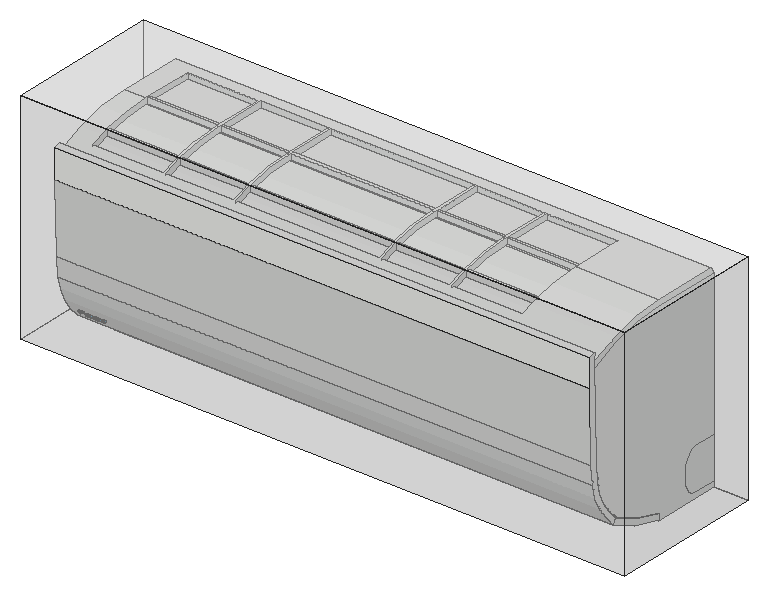
Revit family "outputfile", category 機械設備, Revit 2024
Family settings
  丸型コネクタ寸法 = 半径を使用
  パーツ タイプ = 標準
  OmniClass 番号 = 23.75.10.24.21.27.27
  OmniClass タイトル = Split System Air Conditioning Units
  作業面ベース = いいえ
  常に垂直 = はい
  ロード時にボイドで切り取り = いいえ
  注釈の向きを維持 = いいえ
  共有 = いいえ
  部屋計算ポイント = いいえ
Parameters (values of type "CTKM35VVMG")
  Description = ""
  書き出し IFC クラス(タイプ) = "IfcUnitaryEquipmentType"
  定義済み IFC タイプ(タイプ) = "AIRCONDITIONINGUNIT"
  Cost = 0
  Type Comments = ""
  Keynote = ""
  Type Image = (empty or 0)
  Assembly Code = ""
  w_wall hole = if(Width = 770.0 mm, 48.0 mm, 60.0 mm)  # 48.0 mm
  製造元 = "Daikin"
  モデル = "CTKM35VVMG"
  switch_frequency = yes
  r_Liquid Pipe Size = Liquid Pipe Size / 2  # 3.2 mm
  r_Gas Pipe Size = Gas Pipe Size / 2  # 4.75 mm
  r_Drain Pipe Size = Drain Pipe Size / 2  # 8.0 mm
  lw_powersupply [instance] = if(Width = 770.0 mm, if(or(Rear Right Connection_refrigerant, Bottom Right Connection_refrigerant), 25.0 mm, if(or(Rear Left Connection_refrigerant, Bottom Left Connection_refrigerant), 745.0 mm, 400.0 mm)), if(Width = 990.0 mm, if(or(Rear Right Connection_refrigerant, Bottom Right Connection_refrigerant), 40.0 mm, if(or(Rear Left Connection_refrigerant, Bottom Left Connection_refrigerant), 920.0 mm, 400.0 mm)), if(or(Rear Right Connection_refrigerant, Bottom Right Connection_refrigerant), 40.0 mm, if(or(Rear Left Connection_refrigerant, Bottom Left Connection_refrigerant), 920.0 mm, 400.0 mm))))  # 400.0 mm
  lw_liquidpipe [instance] = if(Width = 770.0 mm, if(or(Rear Right Connection_refrigerant, Bottom Right Connection_refrigerant), 0.0 mm, if(or(Rear Left Connection_refrigerant, Bottom Left Connection_refrigerant), 664.0 mm, 385.0 mm)), if(Width = 990.0 mm, if(or(Rear Right Connection_refrigerant, Bottom Right Connection_refrigerant), 0.0 mm, if(or(Rear Left Connection_refrigerant, Bottom Left Connection_refrigerant), 664.0 mm + (990.0 mm - 770.0 mm), 475.0 mm)), if(or(Rear Right Connection_refrigerant, Bottom Right Connection_refrigerant), 0.0 mm, if(or(Rear Left Connection_refrigerant, Bottom Left Connection_refrigerant), 664.0 mm + (990.0 mm - 770.0 mm), 475.0 mm))))  # 385.0 mm
  lw_gaspipe [instance] = if(Width = 770.0 mm, if(or(Rear Right Connection_refrigerant, Bottom Right Connection_refrigerant), 0.0 mm, if(or(Rear Left Connection_refrigerant, Bottom Left Connection_refrigerant), 675.0 mm, if(Gas Pipe Size = 12.7 mm, 345.0 mm, 335.0 mm))), if(Width = 990.0 mm, if(or(Rear Right Connection_refrigerant, Bottom Right Connection_refrigerant), 10.0 mm, if(or(Rear Left Connection_refrigerant, Bottom Left Connection_refrigerant), 890.0 mm, if(Gas Pipe Size = 15.9 mm, 410.0 mm, 400.0 mm))), if(or(Rear Right Connection_refrigerant, Bottom Right Connection_refrigerant), 10.0 mm, if(or(Rear Left Connection_refrigerant, Bottom Left Connection_refrigerant), 890.0 mm, if(Gas Pipe Size = 15.9 mm, 410.0 mm, 400.0 mm)))))  # 335.0 mm
  lw_drainpipe [instance] = if(Width = 770.0 mm, if(or(Rear Right Connection_refrigerant, Bottom Right Connection_refrigerant), 0.0 mm, if(or(Rear Left Connection_refrigerant, Bottom Left Connection_refrigerant), 770.0 mm - 48.0 mm - 48.0 mm, 440.0 mm)), if(Width = 990.0 mm, if(or(Rear Right Connection_refrigerant, Bottom Right Connection_refrigerant), 0.0 mm, if(or(Rear Left Connection_refrigerant, Bottom Left Connection_refrigerant), 675.0 mm + (990.0 mm - 770.0 mm), 435.0 mm)), if(or(Rear Right Connection_refrigerant, Bottom Right Connection_refrigerant), 0.0 mm, if(or(Rear Left Connection_refrigerant, Bottom Left Connection_refrigerant), 675.0 mm + (990.0 mm - 770.0 mm), 435.0 mm))))  # 440.0 mm
  l_powersupply_length [instance] = if(Width = 770.0 mm, if(Right Connection_refrigerant, 400.0 mm, if(Left Connection_refrigerant, 770.0 mm - 400.0 mm, if(or(Rear Left Connection_refrigerant, Rear Right Connection_refrigerant), 15.0 mm, 50.0 mm))), if(Width = 990.0 mm, if(Right Connection_refrigerant, 400.0 mm, if(Left Connection_refrigerant, 990.0 mm - 400.0 mm, if(or(Rear Left Connection_refrigerant, Rear Right Connection_refrigerant), 15.0 mm, 50.0 mm))), if(Right Connection_refrigerant, 400.0 mm, if(Left Connection_refrigerant, 990.0 mm - 400.0 mm, if(or(Rear Left Connection_refrigerant, Rear Right Connection_refrigerant), 15.0 mm, 50.0 mm)))))  # 400.0 mm
  l_liquidpipe_length [instance] = if(Width = 770.0 mm, if(Right Connection_refrigerant, 433.0 mm, if(Left Connection_refrigerant, 337.0 mm, if(or(Rear Left Connection_refrigerant, Rear Right Connection_refrigerant), 30.0 mm, 40.0 mm))), if(Width = 990.0 mm, if(Right Connection_refrigerant, 535.0 mm, if(Left Connection_refrigerant, 455.0 mm, if(or(Rear Left Connection_refrigerant, Rear Right Connection_refrigerant), 30.0 mm, 40.0 mm))), if(Right Connection_refrigerant, 535.0 mm, if(Left Connection_refrigerant, 455.0 mm, if(or(Rear Left Connection_refrigerant, Rear Right Connection_refrigerant), 30.0 mm, 40.0 mm)))))  # 433.0 mm
  l_gaspipe_length [instance] = if(Width = 770.0 mm, if(Right Connection_refrigerant, if(Gas Pipe Size = 12.7 mm, 393.0 mm, 383.0 mm), if(Left Connection_refrigerant, if(Gas Pipe Size = 12.7 mm, 770.0 mm - 393.0 mm, 770.0 mm - 383.0 mm), if(or(Rear Left Connection_refrigerant, Rear Right Connection_refrigerant), 40.0 mm, 50.0 mm))), if(Width = 990.0 mm, if(Right Connection_refrigerant, if(Gas Pipe Size = 15.9 mm, 470.0 mm, 460.0 mm), if(Left Connection_refrigerant, if(Gas Pipe Size = 15.9 mm, 990.0 mm - 470.0 mm, 990.0 mm - 460.0 mm), if(or(Rear Left Connection_refrigerant, Rear Right Connection_refrigerant), 40.0 mm, 50.0 mm))), if(Right Connection_refrigerant, if(Gas Pipe Size = 15.9 mm, 470.0 mm, 460.0 mm), if(Left Connection_refrigerant, if(Gas Pipe Size = 15.9 mm, 990.0 mm - 470.0 mm, 990.0 mm - 460.0 mm), if(or(Rear Left Connection_refrigerant, Rear Right Connection_refrigerant), 40.0 mm, 50.0 mm)))))  # 383.0 mm
  l_drainpipe_length [instance] = if(Width = 770.0 mm, if(Right Connection_refrigerant, 488.0 mm, if(Left Connection_refrigerant, 282.0 mm, if(or(Rear Left Connection_refrigerant, Rear Right Connection_refrigerant), 15.0 mm, 20.0 mm))), if(Width = 990.0 mm, if(Right Connection_refrigerant, 495.0 mm, if(Left Connection_refrigerant, 495.0 mm, if(or(Rear Left Connection_refrigerant, Rear Right Connection_refrigerant), 15.0 mm, 20.0 mm))), if(Right Connection_refrigerant, 495.0 mm, if(Left Connection_refrigerant, 495.0 mm, if(or(Rear Left Connection_refrigerant, Rear Right Connection_refrigerant), 15.0 mm, 20.0 mm)))))  # 488.0 mm
  h*** = 0.0 mm  # constant formula
  connector_voltage = Voltage_50Hz  # 230 V
  connector_powerinput = [Power Input (Cooling)]  # 0.000 kW
  connector_phase = Phase_50Hz  # 1
  angle_vertical [instance] = if(or(Bottom Left Connection_refrigerant, Bottom Right Connection_refrigerant), 0.00°, 90.00°)  # 90.00°
  angle_horizontal [instance] = if(Right Connection_refrigerant, 90.00°, if(Left Connection_refrigerant, -90.00°, if(or(Rear Left Connection_refrigerant, Rear Right Connection_refrigerant), 180.00°, 0.00°)))  # 90.00°
  Width = 770.0 mm
  Voltage_comment_50Hz = "220 - 240"
  Voltage_50Hz = 230 V
  Version = "ver.1.0"
  Unit Type = "Wall Mounted"
  Unit Mass Weight = 8.00 kg
  Unit Designation [instance] = ""
  Uniclass2015Version = "Products v1.30"
  Uniclass2015Title = "Split coil room air conditioning units"
  Uniclass2015Code = "Pr_70_65_03_86"
  URL = ""
  Total Cooling Capacity [instance] = 0.000 kW
  Sound Pressure Level_M speed (dBA) = 36
  Sound Pressure Level_L speed (dBA) = 26
  Sound Pressure Level_H speed (dBA) = 44
  Sound Power Level_H speed (dB) = 0
  Series = "Multi Split_Fan Coil Unit"
  Sensible Cooling Capacity [instance] = 0.000 kW
  Refrigerant Type = "R32"
  Power Input (Cooling) = 0.000 kW
  Phase_50Hz = 1
  Option Accessory 3 [instance] = ""
  Option Accessory 2 [instance] = ""
  Option Accessory 1 [instance] = ""
  Nominal Cooling Capacity = 3.500 kW
  Minimum Circuit Amps_50Hz = 0.0 A
  Minimum Airflow = 330.00 m³/h
  Median Airflow = 534.00 m³/h
  Maximum Fuse Amps_50Hz = 0.0 A
  Maximum Airflow = 720.00 m³/h
  Material_Casing = DAIKIN_White_Casing_indoorunit
  Load Classification = HVAC
  Liquid Pipe Size = 6.4 mm
  Link_Nested Family [instance] = ""
  IfcVersion = ""
  IfcExportType = "AIRCONDITIONINGUNIT"
  IfcExportAs = "IfcUnitaryEquipmentType"
  Height = 285.0 mm
  Heat Exchanger Type = "Cross Fin Coil"
  Gas Pipe Size = 9.5 mm
  Frequency_50Hz = 50 Hz
  Fan Type = "Cross Flow Fan"
  Fan Drive = "Direct Drive"
  FCU Tag No. [instance] = ""
  Drain Pipe Size = 16.0 mm
  Design Supply Airflow [instance] = 0.00 m³/h
  Depth = 223.0 mm
  既定の高さ = 0.0 mm
  Cooling Entering Wet Bulb Temperature [instance] = 0.00 °C
  Cooling Entering Dry Bulb Temperature [instance] = 0.00 °C
  Cooling Ambient Wet Bulb Temperature [instance] = 0.00 °C
  Cooling Ambient Dry Bulb Temperature [instance] = 0.00 °C
  Clearance visibility [instance] = yes
  Clearance Top = 30.0 mm
  Clearance Right = 50.0 mm
  Clearance Rear = 0.0 mm
  Clearance Left = 50.0 mm
  Clearance Front = 0.0 mm
  Clearance Bottom = 0.0 mm
  Bottom Right Connection_refrigerant [instance] = no
  Bottom Left Connection_refrigerant [instance] = no
  Rear Right Connection_refrigerant [instance] = no
  Rear Left Connection_refrigerant [instance] = no
  Right Connection_refrigerant [instance] = yes
  Left Connection_refrigerant [instance] = no
Reference planes
  plane 1 "Back": y = 0
  plane 2: z = 0
  plane 3 "Center (Left/Right)": x = 0
  plane 4 "Center (Front/Back)": y = -111.5
  plane 5 "Front": y = -223
  plane 6 "Left": x = -385
  plane 7 "Right": x = 385
  plane 8 "Top": z = 0
  plane 9 "Bottom": z = -285
  plane 10: x = -435
  plane 11: x = 435
  plane 12: y = 0
  plane 13: y = -223
  plane 14: z = 30
  plane 15: z = -285
  plane 16 "lw_Piping and Wiring intake": x = 337
  plane 17 "lw_gaspipe": x = 2
  plane 18 "lw_liquidpipe": x = -48
  plane 19 "lw_drainpipe": x = -103
  plane 20 "lh_drainpipe": z = -265
  plane 21 "lh_liquidpipe": z = -245
  plane 22 "lh_gaspipe": z = -235
  plane 23 "ld_drainpipe": y = -15
  plane 24 "ld_liquidpipe": y = -30
  plane 25 "ld_gaspipe": y = -40
  plane 26 "lw_powersupply": x = -15
Dimensions and locks
  equal spacing: plane 6 "Left", plane 3 "Center (Left/Right)", plane 7 "Right"
  "Width": plane 6 "Left" to plane 7 "Right"
  equal spacing: plane 5 "Front", plane 4 "Center (Front/Back)", plane 1 "Back"
  "Depth": plane 5 "Front" to plane 1 "Back"
  "Height": plane 8 "Top" to plane 9 "Bottom"
  "Clearance Rear": plane 12 to plane 1 "Back"
  "Clearance Front": plane 13 to plane 5 "Front"
  "Clearance Top": plane 14 to plane 8 "Top"
  "Clearance Bottom": plane 9 "Bottom" to plane 15
  "w_wall hole": plane 16 "lw_Piping and Wiring intake" to plane 7 "Right"
  "lw_gaspipe": plane 17 "lw_gaspipe" to plane 16 "lw_Piping and Wiring intake"
  "lw_liquidpipe": plane 18 "lw_liquidpipe" to plane 16 "lw_Piping and Wiring intake"
  "lw_drainpipe": plane 19 "lw_drainpipe" to plane 16 "lw_Piping and Wiring intake"
  locked: plane 20 "lh_drainpipe" to plane 9 "Bottom" at 20
  locked: plane 21 "lh_liquidpipe" to plane 9 "Bottom" at 40
  locked: plane 22 "lh_gaspipe" to plane 9 "Bottom" at 50
  locked: plane 23 "ld_drainpipe" to plane 1 "Back" at 15
  locked: plane 1 "Back" to plane 24 "ld_liquidpipe" at 30
  locked: plane 1 "Back" to plane 25 "ld_gaspipe" at 40
  "lw_powersupply": plane 26 "lw_powersupply" to plane 7 "Right"
  "Clearance Left": plane 10 to plane 6 "Left"
  "Clearance Right": plane 7 "Right" to plane 11
  aligned and locked: level to plane 2
  aligned and locked: plane 12 to nested 1
  aligned and locked: nested 1 to plane 13
  aligned and locked: plane 10 to nested 1
  aligned and locked: plane 11 to nested 1
  aligned and locked: plane 15 to nested 1
  aligned and locked: plane 14 to nested 1
  aligned and locked: plane 17 "lw_gaspipe" to nested 2
  aligned and locked: nested 2 to plane 25 "ld_gaspipe"
  aligned and locked: plane 18 "lw_liquidpipe" to nested 3
  aligned and locked: nested 3 to plane 24 "ld_liquidpipe"
  aligned and locked: plane 19 "lw_drainpipe" to nested 4
  aligned and locked: nested 4 to plane 23 "ld_drainpipe"
  aligned and locked: nested 5 to plane 23 "ld_drainpipe"
  aligned and locked: plane 26 "lw_powersupply" to nested 5
  aligned and locked: level to plane 8 "Top"
  aligned and locked: plane 3 "Center (Left/Right)" to nested 6
  aligned and locked: plane 1 "Back" to nested 6
  aligned and locked: plane 8 "Top" to nested 6
Nested families
  nested 1: "daikin_clearancespace" at (0, -111.5, -127.381), show <- "Clearance visibility", visible <- "Clearance visibility", Link_Nested Family <- "Link_Nested Family", type "daikin_clearancespace"
    with width 870.0 mm, show yes, height 315.0 mm, depth 223.0 mm, Link_Nested Family ""
  nested 2: "daikin_connector_rotate3" at (2, -40, -235), angle_vertical <- "angle_vertical", angle_horizontal <- "angle_horizontal", length <- "l_gaspipe_length", radius <- "r_Gas Pipe Size", type "daikin_connector_rotate3"
    with show no, radius 4.75 mm, length 383.0 mm, angle_vertical 90.00°, angle_horizontal 90.00°
  nested 3: "daikin_connector_rotate3" at (-48, -30, -245), angle_vertical <- "angle_vertical", angle_horizontal <- "angle_horizontal", radius <- "r_Liquid Pipe Size", length <- "l_liquidpipe_length", type "daikin_connector_rotate3"
    with show no, radius 3.2 mm, length 433.0 mm, angle_vertical 90.00°, angle_horizontal 90.00°
  nested 4: "daikin_connector_rotate3" at (-103, -15, -265), angle_vertical <- "angle_vertical", angle_horizontal <- "angle_horizontal", length <- "l_drainpipe_length", radius <- "r_Drain Pipe Size", type "daikin_connector_rotate3"
    with show no, radius 8.0 mm, length 488.0 mm, angle_vertical 90.00°, angle_horizontal 90.00°
  nested 5: "daikin_connector_rotate3" at (-15, -15, -235), angle_vertical <- "angle_vertical", angle_horizontal <- "angle_horizontal", length <- "l_powersupply_length", type "daikin_connector_rotate3"
    with show no, radius 10.0 mm, length 400.0 mm, angle_vertical 90.00°, angle_horizontal 90.00°
  nested 6: "DAIKIN_indoorunit_CTKM-VVMG" at (-31, 0, 0), type "CTKM-VVMG"
Connectors
  piping at (385, -40, -235), diameter 9.5, driven by "r_Gas Pipe Size"
    settings: on nested 2, index 1, connector inside diameter 609.6 mm, connector length 0.0 mm, flow factor 0, pipe flow 0.00 m³/h, pressure drop 0.0 Pa, fitting loss kfactor 0, connector angle 0.00°, fixture units 0, engagement length 0.0 mm, angle of deflection 0.00°, flow configuration 1, flow direction 2, fitting loss method 0, system type 29, joint type 0, gender type 0, connector reference index -1, connector utility 0, adjustable connector no, is connector primary yes, connector description "Refrigerant Gas Piping"
  piping at (385, -30, -245), diameter 6.4, driven by "r_Liquid Pipe Size"
    settings: on nested 3, index 2, connector inside diameter 609.6 mm, connector length 0.0 mm, flow factor 0, pipe flow 0.00 m³/h, pressure drop 0.0 Pa, fitting loss kfactor 0, connector angle 0.00°, fixture units 0, engagement length 0.0 mm, angle of deflection 0.00°, flow configuration 1, flow direction 1, fitting loss method 0, system type 29, joint type 0, gender type 0, connector reference index -1, connector utility 0, adjustable connector no, is connector primary no, connector description "Refrigerant Liquid Piping"
  piping at (385, -15, -265), diameter 16, driven by "r_Drain Pipe Size"
    settings: on nested 4, index 3, connector inside diameter 609.6 mm, connector length 0.0 mm, flow factor 0, pipe flow 0.00 m³/h, pressure drop 0.0 Pa, fitting loss kfactor 0, connector angle 0.00°, fixture units 0, engagement length 0.0 mm, angle of deflection 0.00°, flow configuration 1, flow direction 2, fitting loss method 4, system type 16, joint type 0, gender type 0, connector reference index -1, connector utility 0, adjustable connector no, is connector primary no, connector description "Condensate Drain Piping"
  electrical at (385, -15, -235), driven by "Load Classification", driven by "connector_powerinput", driven by "connector_phase", driven by "connector_voltage"
    settings: on nested 5, index 4, voltage 230 V, apparent load 0 VA, apparent load phase1 0 VA, apparent load phase2 0 VA, apparent load phase3 0 VA, power factor 1, load classification "HVAC", number of poles 1, system type 30, power factor state 1, is connector primary yes, connector utility no, sub classification motor no, connector description "Power Supply"
Definition of nested family "daikin_clearancespace"
  Parameters (values of type "daikin_clearancespace")
    Description = "daikin_clearancespace"
    width [instance] = 1823.963 mm
    show [instance] = yes
    material = none
    height [instance] = 1359.762 mm
    depth [instance] = 880.0 mm
    Default Elevation = 0.0 mm
    Link_Nested Family [instance] = ""
  Reference planes
    plane 1 "Center (Front/Back)": y = 0
    plane 2 "Center (Elevation)": z = -0.119
    plane 3 "Center (Left/Right)": x = 0
    plane 4: y = 440
    plane 5: y = -440
    plane 6 "Right": x = 911.982
    plane 7 "Left": x = -911.982
    plane 8 "Top": z = 679.762
    plane 9 "Bottom": z = -680
  Forms (mm)
    Extrusion 1, solid, material <- "material", visible <- "show"
      sketch origin (0, 0, 0) x (1, 0, 0) y (0, 1, 0)
        loop
          line (-911.982, 440) -> (-911.982, -440) -> (911.982, -440) -> (911.982, 440) -> (-911.982, 440)
      from -680 to 679.762
  Lines and regions (mm)
    symbolic lines, visible <- "show"
      curve 1: line (911.982, 440, 0) -> (-911.982, 440, 0)
      curve 2: line (-911.982, 440, 0) -> (-911.982, -440, 0)
      curve 3: line (-911.982, -440, 0) -> (911.982, -440, 0)
      curve 4: line (911.982, -440, 0) -> (911.982, 440, 0)
      curve 5: line (911.982, 0, 679.762) -> (-911.982, 0, 679.762)
      curve 6: line (911.982, 0, -680) -> (911.982, 0, 679.762)
      curve 7: line (-911.982, 0, -680) -> (911.982, 0, -680)
      curve 8: line (-911.982, 0, 679.762) -> (-911.982, 0, -680)
      curve 9: line (0, 440, 679.762) -> (0, -440, 679.762)
      curve 10: line (0, -440, 679.762) -> (0, -440, -680)
      curve 11: line (0, 440, -680) -> (0, 440, 679.762)
      curve 12: line (0, -440, -680) -> (0, 440, -680)
  Dimensions and locks
    "width": plane 7 "Left" to plane 6 "Right"
    "depth": plane 4 to plane 5
    "height": plane 8 "Top" to plane 9 "Bottom"
    equal spacing: plane 7 "Left", plane 3 "Center (Left/Right)", plane 6 "Right"
    equal spacing: plane 4, plane 1 "Center (Front/Back)", plane 5
    equal spacing: plane 8 "Top", plane 2 "Center (Elevation)", plane 9 "Bottom"
    aligned and locked: level to plane 2 "Center (Elevation)"
    aligned and locked: Extrusion 1 sketch curve to plane 4
    aligned and locked: plane 7 "Left" to Extrusion 1 sketch curve
    aligned and locked: Extrusion 1 sketch curve to plane 5
    aligned and locked: Extrusion 1 sketch curve to plane 6 "Right"
    aligned and locked: plane 8 "Top" to Extrusion 1
    aligned and locked: curve 1 to Extrusion 1
    aligned and locked: curve 2 to Extrusion 1
    aligned and locked: curve 3 to Extrusion 1
    aligned and locked: curve 4 to Extrusion 1
    aligned and locked: curve 5 to Extrusion 1
    aligned and locked: curve 6 to Extrusion 1
    aligned and locked: curve 7 to Extrusion 1
    aligned and locked: curve 8 to Extrusion 1
    aligned and locked: curve 9 to Extrusion 1
    aligned and locked: curve 10 to Extrusion 1
    aligned and locked: curve 11 to Extrusion 1
    aligned and locked: curve 12 to Extrusion 1
    aligned and locked: Extrusion 1 to plane 9 "Bottom"
Definition of nested family "DAIKIN_indoorunit_CTKM-VVMG"
  Parameters (values of type "CTKM-VVMG")
    switch_unit1_60-71 = Width = 990.0 mm  # no
    switch_unit1_25-50 = Width = 770.0 mm  # yes
    Width = 770.0 mm
    WALL HOLE-R = if(Width = 770.0 mm, 48.0 mm, 60.0 mm)  # 48.0 mm
    WALL HOLE Size = if(Width = 770.0 mm, 65.0 mm, 80.0 mm)  # 65.0 mm
    Material_Casing = none
    Height = if(Width = 770.0 mm, 285.0 mm, 295.0 mm)  # 285.0 mm
    Default Elevation = 0.0 mm
  Reference planes
    plane 1 "Center (Front/Back)": y = 0
    plane 2 "reference_level": z = 0
    plane 3 "Center (Left/Right)": x = 31
    plane 4: x = -354
    plane 5: x = 416
    plane 6: z = -285
  Forms (mm)
    Extrusion 1, solid, material <- "Material_Casing", visible <- "switch_unit1_25-50"
      sketch origin (29, 0, 0) x (0, 1, 0) y (0, 0, 1)
        loop
          line (-5, 0) -> (-98, 0)
          arc (-98, 0) -> (-157.611, -7.211) -> (-213.783, -28.427) r 250
          arc (-213.783, -28.427) -> (-213.842, -32.972) -> (-213.892, -37.516) r 2191
          arc (-213.892, -37.516) -> (-157.832, -15.495) -> (-98.07, -8) r 242
          line (-98.07, -8) -> (0, -8) -> (-5, 0)
      from -383 to 387
    Extrusion 2, solid, material <- "Material_Casing", visible <- "switch_unit1_25-50"
      sketch origin (416, 1296.25, 1200) x (0, 1, 0) y (0, 0, 1)
        loop
          line (-1472.998, -1446.91) -> (-1476.998, -1453.839)
          arc (-1476.998, -1453.839) -> (-1437.481, -1472.422) -> (-1395.25, -1483.538) r 240
          line (-1395.25, -1483.538) -> (-1395.25, -1475.422)
          arc (-1395.25, -1475.422) -> (-1435.407, -1464.663) -> (-1472.998, -1446.91) r 232
      from 0 to -47.5
    Extrusion 3, solid, material <- "Material_Casing", visible <- "switch_unit1_25-50"
      sketch origin (29, 0, 0) x (0, 1, 0) y (0, 0, 1)
        loop
          arc (-223, -60.455) -> (-222.414, -110.646) -> (-220.656, -160.81) r 2149.92
          arc (-220.656, -160.81) -> (-219.65, -174.299) -> (-217.853, -187.706) r 229.911
          arc (-217.853, -187.706) -> (-205.371, -223.594) -> (-181.517, -253.17) r 111
          line (-181.517, -253.17) -> (-177.429, -246.093)
          arc (-177.429, -246.093) -> (-198.77, -218.989) -> (-209.965, -186.36) r 103
          arc (-209.965, -186.36) -> (-211.681, -173.586) -> (-212.651, -160.735) r 221.844
          arc (-212.651, -160.735) -> (-214.739, -93.233) -> (-214.74, -25.699) r 2186.828
          arc (-214.74, -25.699) -> (-214.671, -21.467) -> (-214.594, -17.235) r 2192
          line (-214.594, -17.235) -> (-223, -19.961) -> (-223, -60.455)
      from -383 to 387
    Extrusion 4, solid, material <- "Material_Casing", visible <- "switch_unit1_25-50"
      sketch origin (29, 0, -20) x (0, 1, 0) y (0, 0, 1)
        loop
          line (0, -265) -> (0, 12) -> (-98.07, 12)
          arc (-98.07, 12) -> (-157.832, 4.505) -> (-213.892, -17.516) r 242
          arc (-213.892, -17.516) -> (-213.638, -79.114) -> (-211.653, -140.681) r 2191
          arc (-211.653, -140.681) -> (-210.685, -153.501) -> (-208.973, -166.243) r 221
          arc (-208.973, -166.243) -> (-197.471, -199.282) -> (-175.482, -226.491) r 102
          arc (-175.482, -226.491) -> (-138.004, -244.019) -> (-98, -254.579) r 231
          line (-98, -254.579) -> (-98, -265) -> (0, -265)
      from -383 to 387
    Extrusion 5, solid, material <- "Material_Casing", visible <- "switch_unit1_25-50"
      sketch origin (-354, 1296.25, 1200) x (0, 1, 0) y (0, 0, 1)
        loop
          line (-1472.998, -1446.91) -> (-1476.998, -1453.839)
          arc (-1476.998, -1453.839) -> (-1437.481, -1472.422) -> (-1395.25, -1483.538) r 240
          line (-1395.25, -1483.538) -> (-1395.25, -1475.422)
          arc (-1395.25, -1475.422) -> (-1435.407, -1464.663) -> (-1472.998, -1446.91) r 232
      from 47 to 0
    Extrusion 6, solid, material <- "Material_Casing", visible <- "switch_unit1_25-50"
      sketch origin (416, 1296.25, 1200) x (0, 1, 0) y (0, 0, 1)
        loop
          line (-1472.998, -1446.91) -> (-1476.998, -1453.839)
          arc (-1476.998, -1453.839) -> (-1443.437, -1470.168) -> (-1407.75, -1481.097) r 240
          line (-1407.75, -1481.097) -> (-1407.75, -1472.894)
          arc (-1407.75, -1472.894) -> (-1441.363, -1462.385) -> (-1472.998, -1446.91) r 232
      from -116.993 to -48.493
    Extrusion 7, solid, material <- "Material_Casing", visible <- "switch_unit1_25-50"
      sketch origin (416, 1296.25, 1200) x (0, 1, 0) y (0, 0, 1)
        loop
          line (-1472.998, -1446.91) -> (-1476.998, -1453.839)
          arc (-1476.998, -1453.839) -> (-1443.437, -1470.168) -> (-1407.75, -1481.097) r 240
          line (-1407.75, -1481.097) -> (-1407.75, -1472.894)
          arc (-1407.75, -1472.894) -> (-1441.363, -1462.385) -> (-1472.998, -1446.91) r 232
      from -717 to -121.993
    Extrusion 8, void
      sketch origin (31, 0, -235) x (1, 0, 0) y (0, 1, 0)
        loop
          line (-252.674, -22.316) -> (-354.941, -22.316) -> (-354.941, -91.341) -> (-252.674, -91.341) -> (-252.674, -22.316)
        loop
          line (-249.341, -91.341) -> (-151.574, -91.341) -> (-151.574, -22.316) -> (-249.341, -22.316) -> (-249.341, -91.341)
        loop
          line (58.309, -22.316) -> (-148.309, -22.316) -> (-148.309, -91.341) -> (58.309, -91.341) -> (58.309, -22.316)
        loop
          line (61.689, -22.316) -> (61.689, -91.341) -> (159.457, -91.341) -> (159.457, -22.316) -> (61.689, -22.316)
        loop
          line (162.789, -22.316) -> (162.789, -91.341) -> (265.057, -91.341) -> (265.057, -22.316) -> (162.789, -22.316)
        loop
          line (-354.941, -94.659) -> (-354.941, -165.259) -> (-252.674, -165.259) -> (-252.674, -94.659) -> (-354.941, -94.659)
        loop
          line (-249.341, -94.659) -> (-249.341, -165.259) -> (-151.574, -165.259) -> (-151.574, -94.659) -> (-249.341, -94.659)
        loop
          line (-148.309, -94.659) -> (-148.309, -165.259) -> (58.309, -165.259) -> (58.309, -94.659) -> (-148.309, -94.659)
        loop
          line (61.689, -94.659) -> (61.689, -165.259) -> (159.457, -165.259) -> (159.457, -94.659) -> (61.689, -94.659)
        loop
          line (162.789, -94.659) -> (162.789, -165.259) -> (265.057, -165.259) -> (265.057, -94.659) -> (162.789, -94.659)
        loop
          line (-354.941, -167.382) -> (-354.941, -192.681) -> (-252.674, -192.681) -> (-252.674, -167.382) -> (-354.941, -167.382)
        loop
          line (-249.341, -167.382) -> (-249.341, -192.681) -> (-151.574, -192.681) -> (-151.574, -167.382) -> (-249.341, -167.382)
        loop
          line (-148.309, -167.382) -> (-148.309, -192.681) -> (58.309, -192.681) -> (58.309, -167.382) -> (-148.309, -167.382)
        loop
          line (159.457, -167.382) -> (61.689, -167.382) -> (61.689, -192.681) -> (159.457, -192.681) -> (159.457, -167.382)
        loop
          line (265.057, -167.382) -> (162.789, -167.382) -> (162.789, -192.681) -> (265.057, -192.681) -> (265.057, -167.382)
      from 201.638 to 250
    Extrusion 9, solid, material <- "Material_Casing"
      sketch origin (31, 0, 0) x (1, 0, 0) y (0, 0, 1)
        loop
          circle (337, -240.5) r 32.5
        loop
          circle (-337, -240.5) r 32.5
      from 0 to 5
    Extrusion 10, solid, material <- "Material_Casing", visible <- "switch_unit1_25-50"
      sketch origin (416, 1296.25, 1200) x (0, -1, 0) y (0, 0, 1)
        loop
          line (1326.25, -1417) -> (1296.25, -1417) -> (1296.25, -1477) -> (1326.25, -1477)
          arc (1326.25, -1477) -> (1340.393, -1471.142) -> (1346.25, -1457) r 20
          line (1346.25, -1457) -> (1346.25, -1437)
          arc (1346.25, -1437) -> (1340.393, -1422.858) -> (1326.25, -1417) r 20
      from 0 to 5
    Extrusion 11, solid, material <- "Material_Casing", visible <- "switch_unit1_25-50"
      sketch origin (-354, 1296.25, 1200) x (0, 1, 0) y (0, 0, 1)
        loop
          line (-1296.25, -1417) -> (-1326.25, -1417)
          arc (-1326.25, -1417) -> (-1340.393, -1422.858) -> (-1346.25, -1437) r 20
          line (-1346.25, -1437) -> (-1346.25, -1457)
          arc (-1346.25, -1457) -> (-1340.393, -1471.142) -> (-1326.25, -1477) r 20
          line (-1326.25, -1477) -> (-1296.25, -1477) -> (-1296.25, -1417)
      from 0 to 5
    Extrusion 12, solid, material <- "Material_Casing", visible <- "switch_unit1_25-50"
      sketch origin (31, 0, -285) x (-1, 0, 0) y (0, -1, 0)
        loop
          line (-314, 0) -> (-314, 30)
          arc (-314, 30) -> (-319.858, 44.142) -> (-334, 50) r 20
          line (-334, 50) -> (-354, 50)
          arc (-354, 50) -> (-368.142, 44.142) -> (-374, 30) r 20
          line (-374, 30) -> (-374, 0) -> (-314, 0)
        loop
          line (374, 0) -> (374, 30)
          arc (374, 30) -> (368.142, 44.142) -> (354, 50) r 20
          line (354, 50) -> (334, 50)
          arc (334, 50) -> (319.858, 44.142) -> (314, 30) r 20
          line (314, 30) -> (314, 0) -> (374, 0)
      from 0 to 5
    Extrusion 13, solid, material <- "Material_Casing", visible <- "switch_unit1_60-71"
      sketch origin (31, 0, 0) x (0, 1, 0) y (0, 0, 1)
        loop
          line (-5, 0) -> (-138, 0)
          arc (-138, 0) -> (-197.611, -7.211) -> (-253.783, -28.427) r 250
          arc (-253.783, -28.427) -> (-253.838, -32.687) -> (-253.886, -36.946) r 2191
          arc (-253.886, -36.946) -> (-197.73, -15.346) -> (-138.014, -8) r 246.393
          line (-138.014, -8) -> (0, -8) -> (-5, 0)
      from -495 to 495
    Extrusion 14, solid, material <- "Material_Casing", visible <- "switch_unit1_60-71"
      sketch origin (418, 1296.25, 1200) x (0, 1, 0) y (0, 0, 1)
        loop
          arc (-1515.208, -1454.149) -> (-1506.856, -1460.599) -> (-1497.925, -1466.219) r 110
          arc (-1497.925, -1466.219) -> (-1445.718, -1487.493) -> (-1389.844, -1494.995) r 223
          line (-1389.844, -1494.995) -> (-1389.844, -1486.086) -> (-1404.386, -1486.086)
          arc (-1404.386, -1486.086) -> (-1449.542, -1477.46) -> (-1491.818, -1459.402) r 214.289
          arc (-1491.818, -1459.402) -> (-1501.056, -1453.541) -> (-1509.606, -1446.715) r 101
          line (-1509.606, -1446.715) -> (-1515.208, -1454.149)
      from 108 to 57.5
    Extrusion 15, solid, material <- "Material_Casing", visible <- "switch_unit1_60-71"
      sketch origin (31, 0, 0) x (0, 1, 0) y (0, 0, 1)
        loop
          line (-263, -19.962) -> (-263, -61.6)
          arc (-263, -61.6) -> (-262.414, -110.219) -> (-260.656, -158.81) r 2017.341
          arc (-260.656, -158.81) -> (-255.648, -191.935) -> (-244.041, -223.362) r 164.725
          arc (-244.041, -223.362) -> (-233.569, -239.793) -> (-219.717, -253.495) r 87.379
          line (-219.717, -253.495) -> (-214.706, -246.846)
          arc (-214.706, -246.846) -> (-229.564, -230.029) -> (-240.385, -210.371) r 102
          arc (-240.385, -210.371) -> (-249.049, -182.962) -> (-252.848, -154.467) r 165.789
          arc (-252.848, -154.467) -> (-254.771, -90.102) -> (-254.74, -25.708) r 2122.533
          arc (-254.74, -25.708) -> (-254.671, -21.469) -> (-254.594, -17.23) r 2192
          line (-254.594, -17.23) -> (-263, -19.962)
      from -495 to 495
    Extrusion 16, void
      sketch origin (33, 0, 0) x (1, 0, 0) y (0, 1, 0)
        loop
          line (-466.909, -22.316) -> (-466.909, -111.341) -> (-366.303, -111.341) -> (-366.303, -22.316) -> (-466.909, -22.316)
        loop
          line (-362.71, -22.316) -> (-362.71, -111.341) -> (-262.103, -111.341) -> (-262.103, -22.316) -> (-362.71, -22.316)
        loop
          line (-258.51, -22.316) -> (-258.51, -111.341) -> (-157.904, -111.341) -> (-157.904, -22.316) -> (-258.51, -22.316)
        loop
          line (-154.31, -22.316) -> (-154.31, -111.341) -> (-53.704, -111.341) -> (-53.704, -22.316) -> (-154.31, -22.316)
        loop
          line (-50.11, -22.316) -> (-50.11, -111.341) -> (50.496, -111.341) -> (50.496, -22.316) -> (-50.11, -22.316)
        loop
          line (54.089, -22.316) -> (54.089, -111.341) -> (154.696, -111.341) -> (154.696, -22.316) -> (54.089, -22.316)
        loop
          line (158.289, -22.316) -> (158.289, -111.341) -> (258.895, -111.341) -> (258.895, -22.316) -> (158.289, -22.316)
        loop
          line (262.489, -22.316) -> (262.489, -111.341) -> (363.095, -111.341) -> (363.095, -22.316) -> (262.489, -22.316)
        loop
          line (-466.909, -114.459) -> (-466.909, -185.059) -> (-366.303, -185.059) -> (-366.303, -114.459) -> (-466.909, -114.459)
        loop
          line (-362.71, -114.459) -> (-362.71, -185.059) -> (-262.103, -185.059) -> (-262.103, -114.459) -> (-362.71, -114.459)
        loop
          line (-258.51, -114.459) -> (-258.51, -185.059) -> (-157.904, -185.059) -> (-157.904, -114.459) -> (-258.51, -114.459)
        loop
          line (-154.31, -114.459) -> (-154.31, -185.059) -> (-53.704, -185.059) -> (-53.704, -114.459) -> (-154.31, -114.459)
        loop
          line (-50.11, -114.459) -> (-50.11, -185.059) -> (50.496, -185.059) -> (50.496, -114.459) -> (-50.11, -114.459)
        loop
          line (54.089, -114.459) -> (54.089, -185.059) -> (154.696, -185.059) -> (154.696, -114.459) -> (54.089, -114.459)
        loop
          line (158.289, -114.459) -> (158.289, -185.059) -> (258.895, -185.059) -> (258.895, -114.459) -> (158.289, -114.459)
        loop
          line (262.489, -114.459) -> (262.489, -185.059) -> (363.095, -185.059) -> (363.095, -114.459) -> (262.489, -114.459)
        loop
          line (-466.909, -187.382) -> (-466.909, -232.681) -> (-366.303, -232.681) -> (-366.303, -187.382) -> (-466.909, -187.382)
        loop
          line (-362.71, -187.382) -> (-362.71, -232.681) -> (-262.103, -232.681) -> (-262.103, -187.382) -> (-362.71, -187.382)
        loop
          line (-258.51, -187.382) -> (-258.51, -232.681) -> (-157.904, -232.681) -> (-157.904, -187.382) -> (-258.51, -187.382)
        loop
          line (-154.31, -187.382) -> (-154.31, -232.681) -> (-53.704, -232.681) -> (-53.704, -187.382) -> (-154.31, -187.382)
        loop
          line (-50.11, -187.382) -> (-50.11, -232.681) -> (50.496, -232.681) -> (50.496, -187.382) -> (-50.11, -187.382)
        loop
          line (54.089, -187.382) -> (54.089, -232.681) -> (154.696, -232.681) -> (154.696, -187.382) -> (54.089, -187.382)
        loop
          line (158.289, -187.382) -> (158.289, -232.681) -> (258.895, -232.681) -> (258.895, -187.382) -> (158.289, -187.382)
        loop
          line (262.489, -187.382) -> (262.489, -232.681) -> (363.095, -232.681) -> (363.095, -187.382) -> (262.489, -187.382)
      from -40.013 to 47.268
    Extrusion 17, solid, material <- "Material_Casing", visible <- "switch_unit1_60-71"
      sketch origin (-356, 1296.25, 1200) x (0, 1, 0) y (0, 0, -1)
        loop
          line (-1515.208, 1454.149) -> (-1509.606, 1446.715)
          arc (-1509.606, 1446.715) -> (-1501.056, 1453.541) -> (-1491.818, 1459.402) r 101
          arc (-1491.818, 1459.402) -> (-1449.542, 1477.46) -> (-1404.386, 1486.086) r 214.289
          line (-1404.386, 1486.086) -> (-1389.844, 1486.086) -> (-1389.844, 1494.995)
          arc (-1389.844, 1494.995) -> (-1445.718, 1487.493) -> (-1497.925, 1466.219) r 223
          arc (-1497.925, 1466.219) -> (-1506.856, 1460.599) -> (-1515.208, 1454.149) r 110
      from 108 to 61
    Extrusion 18, solid, material <- "Material_Casing", visible <- "switch_unit1_60-71"
      sketch origin (418, 1296.25, 1200) x (0, 1, 0) y (0, 0, 1)
        loop
          arc (-1515.208, -1454.149) -> (-1506.856, -1460.599) -> (-1497.925, -1466.219) r 110
          arc (-1497.925, -1466.219) -> (-1463.185, -1482.066) -> (-1426.25, -1491.755) r 223
          line (-1426.25, -1491.755) -> (-1426.25, -1483.166)
          arc (-1426.25, -1483.166) -> (-1460.008, -1473.969) -> (-1491.818, -1459.402) r 214.289
          arc (-1491.818, -1459.402) -> (-1501.056, -1453.541) -> (-1509.606, -1446.715) r 101
          line (-1509.606, -1446.715) -> (-1515.208, -1454.149)
      from 56.5 to -36.993
    Extrusion 19, solid, material <- "Material_Casing", visible <- "switch_unit1_60-71"
      sketch origin (418, 1296.25, 1200) x (0, 1, 0) y (0, 0, 1)
        loop
          arc (-1426.25, -1483.166) -> (-1443.442, -1479.224) -> (-1460.25, -1473.881) r 214.289
          line (-1460.25, -1473.881) -> (-1460.25, -1483.089)
          arc (-1460.25, -1483.089) -> (-1443.421, -1488.091) -> (-1426.25, -1491.755) r 223
          line (-1426.25, -1491.755) -> (-1426.25, -1483.166)
      from -43.493 to -828.893
    Extrusion 20, solid, material <- "Material_Casing", visible <- "switch_unit1_60-71"
      sketch origin (418, 1296.25, 1200) x (0, 1, 0) y (0, 0, 1)
        loop
          arc (-1515.208, -1454.149) -> (-1506.856, -1460.599) -> (-1497.925, -1466.219) r 110
          arc (-1497.925, -1466.219) -> (-1479.479, -1475.527) -> (-1460.25, -1483.089) r 223
          line (-1460.25, -1483.089) -> (-1460.25, -1473.881)
          arc (-1460.25, -1473.881) -> (-1476.328, -1467.282) -> (-1491.818, -1459.402) r 214.289
          arc (-1491.818, -1459.402) -> (-1501.056, -1453.541) -> (-1509.606, -1446.715) r 101
          line (-1509.606, -1446.715) -> (-1515.208, -1454.149)
      from -43.493 to -828.893
    Extrusion 21, solid, material <- "Material_Casing", visible <- "switch_unit1_60-71"
      sketch origin (31, 0, -30) x (0, 1, 0) y (0, 0, 1)
        loop
          line (0, 22) -> (-138.014, 22)
          arc (-138.014, 22) -> (-197.73, 14.654) -> (-253.886, -6.946) r 246.393
          arc (-253.886, -6.946) -> (-253.682, -65.635) -> (-251.855, -124.295) r 2120.935
          arc (-251.855, -124.295) -> (-248.086, -152.682) -> (-239.461, -179.988) r 164.789
          arc (-239.461, -179.988) -> (-228.903, -199.231) -> (-214.437, -215.738) r 101
          line (-214.437, -215.738) -> (-212.406, -216.221)
          arc (-212.406, -216.221) -> (-204.07, -222.837) -> (-195.079, -228.53) r 100
          arc (-195.079, -228.53) -> (-145.557, -248.629) -> (-92.593, -255.785) r 213.289
          line (-92.593, -255.785) -> (-92.593, -265) -> (0, -265) -> (0, 22)
      from -495 to 495
    Extrusion 22, solid, material <- "Material_Casing", visible <- "switch_unit1_60-71"
      sketch origin (526, 1296.25, 1200) x (0, -1, 0) y (0, 0, 1)
        loop
          line (1326.25, -1427.035) -> (1296.25, -1427.035) -> (1296.25, -1487.035) -> (1326.25, -1487.035)
          arc (1326.25, -1487.035) -> (1340.393, -1481.177) -> (1346.25, -1467.035) r 20
          line (1346.25, -1467.035) -> (1346.25, -1447.035)
          arc (1346.25, -1447.035) -> (1340.393, -1432.892) -> (1326.25, -1427.035) r 20
      from 0 to 5
    Extrusion 23, solid, material <- "Material_Casing", visible <- "switch_unit1_60-71"
      sketch origin (-459, 1296.25, 1200) x (0, -1, 0) y (0, 0, 1)
        loop
          line (1326.25, -1427.035) -> (1296.25, -1427.035) -> (1296.25, -1487.035) -> (1326.25, -1487.035)
          arc (1326.25, -1487.035) -> (1340.393, -1481.177) -> (1346.25, -1467.035) r 20
          line (1346.25, -1467.035) -> (1346.25, -1447.035)
          arc (1346.25, -1447.035) -> (1340.393, -1432.892) -> (1326.25, -1427.035) r 20
      from 0 to 5
    Extrusion 24, solid, material <- "Material_Casing", visible <- "switch_unit1_60-71"
      sketch origin (31, 200, -295) x (-1, 0, 0) y (0, -1, 0)
        loop
          line (469, 200) -> (469, 230)
          arc (469, 230) -> (463.142, 244.142) -> (449, 250) r 20
          line (449, 250) -> (429, 250)
          arc (429, 250) -> (414.858, 244.142) -> (409, 230) r 20
          line (409, 230) -> (409, 200) -> (469, 200)
        loop
          line (-469, 200) -> (-409, 200) -> (-409, 230)
          arc (-409, 230) -> (-414.858, 244.142) -> (-429, 250) r 20
          line (-429, 250) -> (-449, 250)
          arc (-449, 250) -> (-463.142, 244.142) -> (-469, 230) r 20
          line (-469, 230) -> (-469, 200)
      from 0 to 5
  Cuts and joins
    Extrusion 8 cuts Extrusion 1
    Extrusion 16 cuts Extrusion 13
  Lines and regions (mm)
    reference lines
      curve 1: line (-523, -201.911, -229.404) -> (-523, -193.542, -239.977)
      curve 2: line (-523, -240.779, -229.404) -> (-523, -232.411, -239.977)
  Dimensions and locks
    locked: Extrusion 10 sketch curve to Extrusion 10 sketch curve at 60
    locked: Extrusion 10 sketch curve to Extrusion 10 sketch curve at 50
    locked: Extrusion 12 sketch curve to Extrusion 12 sketch curve at 60  (x2)
    locked: Extrusion 12 sketch curve to Extrusion 12 sketch curve at 50
    equal spacing: plane 5, plane 3 "Center (Left/Right)", plane 4
    "Width": plane 5 to plane 4
    locked: Extrusion 9 sketch curve to plane 4 at 48
    "WALL HOLE-R": plane 5 to Extrusion 9 sketch curve
    "Height": plane 2 "reference_level" to plane 6
    locked: Extrusion 9 sketch curve to plane 6 at 44.5  (x2)
    locked: Extrusion 15 to nested 2 at 15
    locked: Extrusion 22 sketch curve to Extrusion 22 sketch curve at 60
    locked: Extrusion 22 sketch curve to Extrusion 22 sketch curve at 50
    locked: Extrusion 23 sketch curve to Extrusion 23 sketch curve at 60
    locked: Extrusion 23 sketch curve to Extrusion 23 sketch curve at 50
    locked: Extrusion 24 sketch curve to Extrusion 24 sketch curve at 60  (x2)
    locked: Extrusion 24 sketch curve to Extrusion 24 sketch curve at 50  (x2)
    "WALL HOLE Size": diameter of Extrusion 9 sketch curve  (x2)
    aligned and locked: level to plane 2 "reference_level"
    aligned and locked: nested 1 to curve 1
    aligned and locked: Extrusion 11 sketch curve to Extrusion 10  (x4)
    aligned and locked: Extrusion 12 sketch curve to Extrusion 12 sketch curve  (x2)
    aligned and locked: Extrusion 9 to plane 1 "Center (Front/Back)"
    aligned and locked: nested 2 to curve 2
  Automatic sketch dimensions
    curve 1 to level = 239.977 mm
    plane 1 "Center (Front/Back)" to curve 1 = 193.542 mm
    curve 2 to curve 1 = 0.0 mm
    curve 2 to curve 2 = 10.573 mm
    curve 1 to curve 1 = 10.573 mm
    curve 1 to curve 1 = 8.368 mm
    curve 1 to curve 2 = 30.5 mm
    curve 2 to curve 2 = 8.368 mm
    Extrusion 1 sketch curve to level = 0.0 mm
    Extrusion 1 sketch curve to plane 1 "Center (Front/Back)" = 0.0 mm
    plane 1 "Center (Front/Back)" to Extrusion 1 sketch curve = 5.0 mm
    plane 1 "Center (Front/Back)" to Extrusion 1 sketch curve = 98.0 mm
    Extrusion 1 sketch curve to Extrusion 1 sketch curve = 0.07 mm
    Extrusion 1 sketch curve to level = 59.292 mm
    Extrusion 1 sketch curve to plane 1 "Center (Front/Back)" = 1977.0 mm
    Extrusion 1 sketch curve to level = 250.0 mm
    Extrusion 1 sketch curve to Extrusion 1 sketch curve = 0.0 mm
    Extrusion 1 sketch curve to level = 8.0 mm
    Extrusion 1 sketch curve to level = 28.427 mm
    plane 1 "Center (Front/Back)" to Extrusion 2 sketch curve = 180.748 mm
    Extrusion 2 sketch curve to Extrusion 2 sketch curve = 4.0 mm
    Extrusion 2 sketch curve to Extrusion 2 sketch curve = 77.747 mm
    plane 1 "Center (Front/Back)" to Extrusion 2 sketch curve = 59.279 mm
    Extrusion 2 sketch curve to Extrusion 2 sketch curve = 0.0 mm
    Extrusion 2 sketch curve to level = 283.538 mm
    Extrusion 2 sketch curve to Extrusion 2 sketch curve = 8.116 mm
    Extrusion 2 sketch curve to Extrusion 2 sketch curve = 21.583 mm
    Extrusion 2 sketch curve to Extrusion 2 sketch curve = 6.929 mm
    Extrusion 3 sketch curve to level = 19.961 mm
    plane 1 "Center (Front/Back)" to Extrusion 3 sketch curve = 223.0 mm
    Extrusion 3 sketch curve to level = 17.235 mm
    Extrusion 3 sketch curve to Extrusion 3 sketch curve = 8.406 mm
    plane 1 "Center (Front/Back)" to Extrusion 3 sketch curve = 181.517 mm
    Extrusion 3 sketch curve to Extrusion 3 sketch curve = 4.087 mm
    Extrusion 3 sketch curve to Extrusion 3 sketch curve = 69.11 mm
    Extrusion 3 sketch curve to Extrusion 3 sketch curve = 0.001 mm
    Extrusion 3 sketch curve to plane 1 "Center (Front/Back)" = 8.955 mm
    Extrusion 3 sketch curve to Extrusion 3 sketch curve = 0.067 mm
    Extrusion 3 sketch curve to level = 60.455 mm
    Extrusion 3 sketch curve to Extrusion 3 sketch curve = 1917.898 mm
    Extrusion 3 sketch curve to Extrusion 3 sketch curve = 44.907 mm
    Extrusion 3 sketch curve to Extrusion 3 sketch curve = 5.172 mm
    Extrusion 3 sketch curve to level = 150.456 mm
    Extrusion 3 sketch curve to Extrusion 3 sketch curve = 0.006 mm
    Extrusion 3 sketch curve to Extrusion 3 sketch curve = 19.265 mm
    Extrusion 3 sketch curve to Extrusion 3 sketch curve = 0.004 mm
    Extrusion 3 sketch curve to Extrusion 3 sketch curve = 76.368 mm
    Extrusion 3 sketch curve to Extrusion 3 sketch curve = 7.077 mm
    Extrusion 3 sketch curve to Extrusion 3 sketch curve = 1.002 mm
    Extrusion 3 sketch curve to Extrusion 3 sketch curve = 0.046 mm
    Extrusion 3 sketch curve to Extrusion 3 sketch curve = 8.005 mm
    Extrusion 3 sketch curve to Extrusion 3 sketch curve = 0.147 mm
    Extrusion 3 sketch curve to Extrusion 3 sketch curve = 0.0 mm
    Extrusion 4 sketch curve to plane 1 "Center (Front/Back)" = 0.0 mm
    plane 1 "Center (Front/Back)" to Extrusion 4 sketch curve = 59.278 mm
    Extrusion 4 sketch curve to Extrusion 4 sketch curve = 98.0 mm
    Extrusion 4 sketch curve to Extrusion 4 sketch curve = 0.0 mm  (x3)
    Extrusion 4 sketch curve to level = 8.0 mm
    Extrusion 4 sketch curve to Extrusion 4 sketch curve = 38.791 mm
    Extrusion 4 sketch curve to Extrusion 4 sketch curve = 10.249 mm
    Extrusion 4 sketch curve to plane 1 "Center (Front/Back)" = 9.11 mm
    Extrusion 4 sketch curve to level = 59.292 mm
    Extrusion 4 sketch curve to Extrusion 4 sketch curve = 1967.89 mm
    Extrusion 4 sketch curve to Extrusion 4 sketch curve = 142.454 mm
    Extrusion 4 sketch curve to Extrusion 4 sketch curve = 19.271 mm
    Extrusion 4 sketch curve to Extrusion 4 sketch curve = 80.275 mm
    Extrusion 4 sketch curve to Extrusion 4 sketch curve = 24.579 mm
    Extrusion 4 sketch curve to Extrusion 4 sketch curve = 10.421 mm
    Extrusion 4 sketch curve to level = 46.847 mm
    Extrusion 4 sketch curve to Extrusion 4 sketch curve = 77.412 mm
    Extrusion 4 sketch curve to Extrusion 4 sketch curve = 33.49 mm
    Extrusion 4 sketch curve to Extrusion 4 sketch curve = 2.68 mm
    plane 1 "Center (Front/Back)" to Extrusion 5 sketch curve = 180.748 mm
    Extrusion 5 sketch curve to Extrusion 5 sketch curve = 4.0 mm
    Extrusion 5 sketch curve to Extrusion 5 sketch curve = 77.747 mm
    plane 1 "Center (Front/Back)" to Extrusion 5 sketch curve = 59.279 mm
    Extrusion 5 sketch curve to Extrusion 5 sketch curve = 0.0 mm
    Extrusion 5 sketch curve to level = 283.538 mm
    Extrusion 5 sketch curve to Extrusion 5 sketch curve = 8.116 mm
    Extrusion 5 sketch curve to Extrusion 5 sketch curve = 21.583 mm
    Extrusion 5 sketch curve to Extrusion 5 sketch curve = 6.929 mm
    plane 1 "Center (Front/Back)" to Extrusion 6 sketch curve = 180.748 mm
    Extrusion 6 sketch curve to Extrusion 6 sketch curve = 4.0 mm
    Extrusion 6 sketch curve to Extrusion 6 sketch curve = 65.247 mm
    plane 1 "Center (Front/Back)" to Extrusion 6 sketch curve = 59.279 mm
    Extrusion 6 sketch curve to Extrusion 6 sketch curve = 0.0 mm
    Extrusion 6 sketch curve to level = 281.097 mm
    Extrusion 6 sketch curve to Extrusion 6 sketch curve = 8.203 mm
    Extrusion 6 sketch curve to Extrusion 6 sketch curve = 19.055 mm
    Extrusion 6 sketch curve to Extrusion 6 sketch curve = 6.929 mm
    plane 1 "Center (Front/Back)" to Extrusion 7 sketch curve = 180.748 mm
    Extrusion 7 sketch curve to Extrusion 7 sketch curve = 4.0 mm
    Extrusion 7 sketch curve to Extrusion 7 sketch curve = 65.247 mm
    plane 1 "Center (Front/Back)" to Extrusion 7 sketch curve = 59.279 mm
    Extrusion 7 sketch curve to Extrusion 7 sketch curve = 0.0 mm
    Extrusion 7 sketch curve to level = 281.097 mm
    Extrusion 7 sketch curve to Extrusion 7 sketch curve = 8.203 mm
    Extrusion 7 sketch curve to Extrusion 7 sketch curve = 19.055 mm
    Extrusion 7 sketch curve to Extrusion 7 sketch curve = 6.929 mm
    plane 1 "Center (Front/Back)" to Extrusion 8 sketch curve = 165.259 mm  (x2)
    Extrusion 8 sketch curve to plane 3 "Center (Left/Right)" = 354.941 mm
    plane 1 "Center (Front/Back)" to Extrusion 8 sketch curve = 22.316 mm  (x3)
    Extrusion 8 sketch curve to Extrusion 8 sketch curve = 0.0 mm  (x26)
    Extrusion 8 sketch curve to Extrusion 8 sketch curve = 102.268 mm  (x2)
    Extrusion 8 sketch curve to Extrusion 8 sketch curve = 3.332 mm  (x4)
    Extrusion 8 sketch curve to Extrusion 8 sketch curve = 97.768 mm  (x2)
    Extrusion 8 sketch curve to Extrusion 8 sketch curve = 3.264 mm  (x3)
    plane 3 "Center (Left/Right)" to Extrusion 8 sketch curve = 58.309 mm
    Extrusion 8 sketch curve to Extrusion 8 sketch curve = 3.38 mm  (x3)
    Extrusion 8 sketch curve to Extrusion 8 sketch curve = 2.124 mm  (x6)
    Extrusion 8 sketch curve to Extrusion 8 sketch curve = 25.299 mm  (x2)
    Extrusion 8 sketch curve to Extrusion 8 sketch curve = 70.6 mm
    Extrusion 8 sketch curve to Extrusion 8 sketch curve = 3.317 mm  (x4)
    Extrusion 10 sketch curve to plane 1 "Center (Front/Back)" = 0.0 mm
    Extrusion 10 sketch curve to Extrusion 10 sketch curve = 20.0 mm  (x2)
    Extrusion 10 sketch curve to level = 277.0 mm
    plane 1 "Center (Front/Back)" to Extrusion 12 sketch curve = 0.0 mm
    plane 3 "Center (Left/Right)" to Extrusion 12 sketch curve = 374.0 mm
    Extrusion 12 sketch curve to Extrusion 12 sketch curve = 20.0 mm  (x3)
    plane 1 "Center (Front/Back)" to Extrusion 12 sketch curve = 30.0 mm
    Extrusion 12 sketch curve to plane 3 "Center (Left/Right)" = 314.0 mm
    Extrusion 13 sketch curve to level = 0.0 mm
    Extrusion 13 sketch curve to plane 1 "Center (Front/Back)" = 0.0 mm
    plane 1 "Center (Front/Back)" to Extrusion 13 sketch curve = 5.0 mm
    Extrusion 13 sketch curve to Extrusion 13 sketch curve = 133.0 mm
    Extrusion 13 sketch curve to Extrusion 13 sketch curve = 0.013 mm
    Extrusion 13 sketch curve to level = 59.292 mm
    Extrusion 13 sketch curve to plane 1 "Center (Front/Back)" = 1937.0 mm
    Extrusion 13 sketch curve to Extrusion 13 sketch curve = 250.0 mm
    Extrusion 13 sketch curve to Extrusion 13 sketch curve = 4.393 mm
    Extrusion 13 sketch curve to level = 8.0 mm
    Extrusion 13 sketch curve to level = 28.427 mm
    plane 1 "Center (Front/Back)" to Extrusion 14 sketch curve = 218.957 mm
    Extrusion 14 sketch curve to Extrusion 14 sketch curve = 5.601 mm
    Extrusion 14 sketch curve to Extrusion 14 sketch curve = 65.735 mm
    Extrusion 14 sketch curve to Extrusion 14 sketch curve = 1.462 mm
    plane 1 "Center (Front/Back)" to Extrusion 14 sketch curve = 108.136 mm
    Extrusion 14 sketch curve to Extrusion 14 sketch curve = 14.543 mm
    plane 1 "Center (Front/Back)" to Extrusion 14 sketch curve = 92.093 mm
    Extrusion 14 sketch curve to Extrusion 14 sketch curve = 1.354 mm
    Extrusion 14 sketch curve to level = 294.995 mm
    Extrusion 14 sketch curve to Extrusion 14 sketch curve = 8.909 mm
    Extrusion 14 sketch curve to Extrusion 14 sketch curve = 31.937 mm
    Extrusion 14 sketch curve to Extrusion 14 sketch curve = 7.433 mm
    Extrusion 14 sketch curve to Extrusion 14 sketch curve = 75.403 mm
    Extrusion 14 sketch curve to Extrusion 14 sketch curve = 0.896 mm
    Extrusion 14 sketch curve to level = 72.504 mm
    Extrusion 14 sketch curve to Extrusion 14 sketch curve = 0.504 mm
    Extrusion 15 sketch curve to level = 19.962 mm
    plane 1 "Center (Front/Back)" to Extrusion 15 sketch curve = 263.0 mm
    Extrusion 15 sketch curve to level = 17.23 mm
    Extrusion 15 sketch curve to Extrusion 15 sketch curve = 8.406 mm
    Extrusion 15 sketch curve to Extrusion 15 sketch curve = 43.283 mm
    Extrusion 15 sketch curve to Extrusion 15 sketch curve = 5.011 mm
    Extrusion 15 sketch curve to Extrusion 15 sketch curve = 49.129 mm
    Extrusion 15 sketch curve to Extrusion 15 sketch curve = 19.417 mm
    Extrusion 15 sketch curve to Extrusion 15 sketch curve = 50.037 mm
    Extrusion 15 sketch curve to Extrusion 15 sketch curve = 8.89 mm
    Extrusion 15 sketch curve to level = 61.6 mm
    Extrusion 15 sketch curve to plane 1 "Center (Front/Back)" = 1754.341 mm
    Extrusion 15 sketch curve to level = 58.909 mm
    Extrusion 15 sketch curve to Extrusion 15 sketch curve = 113.192 mm
    Extrusion 15 sketch curve to Extrusion 15 sketch curve = 69.467 mm
    Extrusion 15 sketch curve to level = 146.886 mm
    Extrusion 15 sketch curve to Extrusion 15 sketch curve = 3.987 mm
    Extrusion 15 sketch curve to Extrusion 15 sketch curve = 20.44 mm
    Extrusion 15 sketch curve to Extrusion 15 sketch curve = 13.597 mm
    Extrusion 15 sketch curve to Extrusion 15 sketch curve = 61.936 mm
    Extrusion 15 sketch curve to Extrusion 15 sketch curve = 6.649 mm
    Extrusion 15 sketch curve to level = 59.438 mm
    Extrusion 15 sketch curve to Extrusion 15 sketch curve = 0.0 mm
    Extrusion 15 sketch curve to Extrusion 15 sketch curve = 0.147 mm
    Extrusion 15 sketch curve to Extrusion 15 sketch curve = 7.808 mm
    plane 1 "Center (Front/Back)" to Extrusion 16 sketch curve = 22.316 mm  (x6)
    Extrusion 16 sketch curve to plane 3 "Center (Left/Right)" = 464.909 mm
    Extrusion 16 sketch curve to Extrusion 16 sketch curve = 0.0 mm  (x27)
    Extrusion 16 sketch curve to Extrusion 16 sketch curve = 100.606 mm  (x7)
    Extrusion 16 sketch curve to Extrusion 16 sketch curve = 3.594 mm  (x16)
    Extrusion 16 sketch curve to plane 3 "Center (Left/Right)" = 51.704 mm
    plane 3 "Center (Left/Right)" to Extrusion 16 sketch curve = 52.496 mm  (x2)
    Extrusion 16 sketch curve to Extrusion 16 sketch curve = 89.026 mm  (x6)
    Extrusion 16 sketch curve to Extrusion 16 sketch curve = 3.117 mm  (x8)
    Extrusion 16 sketch curve to Extrusion 16 sketch curve = 70.6 mm  (x7)
    Extrusion 16 sketch curve to Extrusion 16 sketch curve = 2.324 mm  (x8)
    Extrusion 16 sketch curve to Extrusion 16 sketch curve = 45.299 mm  (x7)
    plane 1 "Center (Front/Back)" to Extrusion 17 sketch curve = 218.957 mm
    Extrusion 17 sketch curve to Extrusion 17 sketch curve = 5.601 mm
    Extrusion 17 sketch curve to Extrusion 17 sketch curve = 65.735 mm
    Extrusion 17 sketch curve to Extrusion 17 sketch curve = 1.462 mm
    plane 1 "Center (Front/Back)" to Extrusion 17 sketch curve = 108.136 mm
    Extrusion 17 sketch curve to Extrusion 17 sketch curve = 14.543 mm
    plane 1 "Center (Front/Back)" to Extrusion 17 sketch curve = 92.093 mm
    Extrusion 17 sketch curve to Extrusion 17 sketch curve = 1.354 mm
    Extrusion 17 sketch curve to level = 72.0 mm
    Extrusion 17 sketch curve to Extrusion 17 sketch curve = 0.504 mm
    Extrusion 17 sketch curve to Extrusion 17 sketch curve = 98.416 mm
    Extrusion 17 sketch curve to Extrusion 17 sketch curve = 0.896 mm
    Extrusion 17 sketch curve to Extrusion 17 sketch curve = 76.3 mm
    Extrusion 17 sketch curve to Extrusion 17 sketch curve = 7.433 mm
    Extrusion 17 sketch curve to Extrusion 17 sketch curve = 26.684 mm
    Extrusion 17 sketch curve to Extrusion 17 sketch curve = 8.909 mm
    plane 1 "Center (Front/Back)" to Extrusion 18 sketch curve = 218.957 mm
    Extrusion 18 sketch curve to Extrusion 18 sketch curve = 5.601 mm
    Extrusion 18 sketch curve to Extrusion 18 sketch curve = 65.735 mm
    Extrusion 18 sketch curve to Extrusion 18 sketch curve = 1.462 mm
    Extrusion 18 sketch curve to Extrusion 18 sketch curve = 83.356 mm
    plane 1 "Center (Front/Back)" to Extrusion 18 sketch curve = 92.093 mm
    Extrusion 18 sketch curve to Extrusion 18 sketch curve = 1.354 mm
    Extrusion 18 sketch curve to level = 291.755 mm
    Extrusion 18 sketch curve to Extrusion 18 sketch curve = 8.588 mm
    Extrusion 18 sketch curve to Extrusion 18 sketch curve = 29.018 mm
    Extrusion 18 sketch curve to Extrusion 18 sketch curve = 7.433 mm
    Extrusion 18 sketch curve to Extrusion 18 sketch curve = 75.403 mm
    Extrusion 18 sketch curve to Extrusion 18 sketch curve = 0.896 mm
    Extrusion 18 sketch curve to level = 72.504 mm
    Extrusion 18 sketch curve to Extrusion 18 sketch curve = 0.504 mm
    plane 1 "Center (Front/Back)" to Extrusion 19 sketch curve = 164.0 mm
    Extrusion 19 sketch curve to Extrusion 19 sketch curve = 34.0 mm
    plane 1 "Center (Front/Back)" to Extrusion 19 sketch curve = 92.093 mm
    Extrusion 19 sketch curve to Extrusion 19 sketch curve = 1.354 mm
    Extrusion 19 sketch curve to level = 291.755 mm
    Extrusion 19 sketch curve to Extrusion 19 sketch curve = 8.588 mm
    Extrusion 19 sketch curve to Extrusion 19 sketch curve = 0.077 mm
    Extrusion 19 sketch curve to Extrusion 19 sketch curve = 9.207 mm
    plane 1 "Center (Front/Back)" to Extrusion 20 sketch curve = 218.957 mm
    Extrusion 20 sketch curve to Extrusion 20 sketch curve = 5.601 mm
    Extrusion 20 sketch curve to Extrusion 20 sketch curve = 49.356 mm
    Extrusion 20 sketch curve to Extrusion 20 sketch curve = 65.735 mm
    Extrusion 20 sketch curve to Extrusion 20 sketch curve = 1.462 mm
    plane 1 "Center (Front/Back)" to Extrusion 20 sketch curve = 92.093 mm
    Extrusion 20 sketch curve to Extrusion 20 sketch curve = 1.354 mm
    Extrusion 20 sketch curve to level = 283.089 mm
    Extrusion 20 sketch curve to Extrusion 20 sketch curve = 9.207 mm
    Extrusion 20 sketch curve to Extrusion 20 sketch curve = 19.733 mm
    Extrusion 20 sketch curve to Extrusion 20 sketch curve = 7.433 mm
    Extrusion 20 sketch curve to Extrusion 20 sketch curve = 75.403 mm
    Extrusion 20 sketch curve to Extrusion 20 sketch curve = 0.896 mm
    Extrusion 20 sketch curve to level = 72.504 mm
    Extrusion 20 sketch curve to Extrusion 20 sketch curve = 0.504 mm
    Extrusion 21 sketch curve to Extrusion 21 sketch curve = 0.0 mm  (x4)
    Extrusion 21 sketch curve to plane 1 "Center (Front/Back)" = 0.0 mm
    plane 1 "Center (Front/Back)" to Extrusion 21 sketch curve = 87.233 mm
    Extrusion 21 sketch curve to Extrusion 21 sketch curve = 3.506 mm
    Extrusion 21 sketch curve to Extrusion 21 sketch curve = 92.593 mm
    Extrusion 21 sketch curve to Extrusion 21 sketch curve = 45.42 mm
    Extrusion 21 sketch curve to Extrusion 21 sketch curve = 58.927 mm
    Extrusion 21 sketch curve to Extrusion 21 sketch curve = 74.393 mm
    Extrusion 21 sketch curve to Extrusion 21 sketch curve = 2.031 mm
    Extrusion 21 sketch curve to level = 58.927 mm
    Extrusion 21 sketch curve to plane 1 "Center (Front/Back)" = 1866.935 mm
    Extrusion 21 sketch curve to level = 72.504 mm
    Extrusion 21 sketch curve to Extrusion 21 sketch curve = 74.381 mm
    Extrusion 21 sketch curve to Extrusion 21 sketch curve = 24.427 mm
    Extrusion 21 sketch curve to Extrusion 21 sketch curve = 74.426 mm
    Extrusion 21 sketch curve to Extrusion 21 sketch curve = 0.483 mm
    Extrusion 21 sketch curve to Extrusion 21 sketch curve = 4.137 mm
    Extrusion 21 sketch curve to Extrusion 21 sketch curve = 31.393 mm
    Extrusion 21 sketch curve to Extrusion 21 sketch curve = 9.215 mm
    Extrusion 21 sketch curve to level = 8.0 mm
